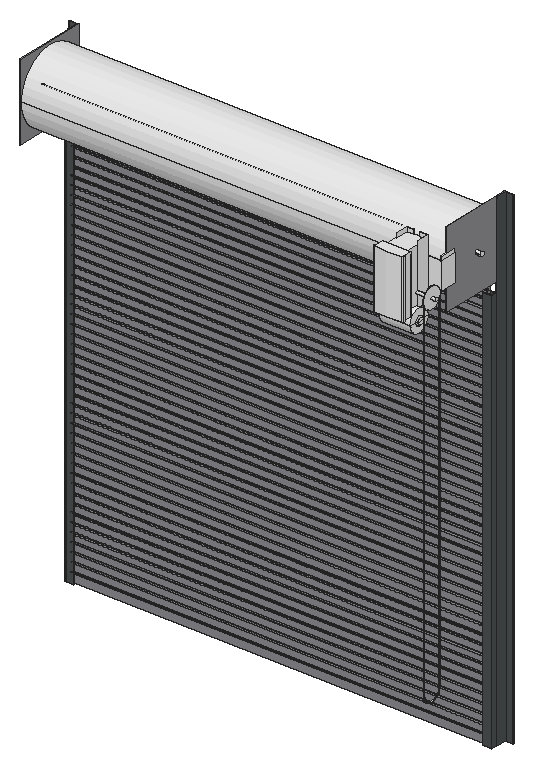
Revit family "Doors_Fire-Doors-Shutters_Overhead-Door-Corporation_FireKing-Fire-Rated-Insulated-Service-Doors-635_", category Specialty Equipment, host Wall, Revit 2019 (continued)
Definition of nested family "Motor"
  Dimensions and locks (in)
    locked: Extrusion 12 sketch curve to curve 1 at 10.62
    radius of Extrusion 5 sketch curve = 3"
    radius of Sweep 6 sketch curve = 3"
    radius of Sweep 6 sketch curve = 0.1"
    radius of Extrusion 7 sketch curve = 0.4"
    radius of Extrusion 2 sketch curve = 0.36846"  (x2)
    radius of Extrusion 1 sketch curve = 0.12"  (x2)
    radius of Extrusion 2 sketch curve = 25"
    "Angle": angle curve 1 to plane 1 "Center (Front/Back)"
    angle Extrusion 2 sketch curve to Extrusion 2 sketch curve = 90.00°
    locked: Extrusion 2 sketch curve to Extrusion 2 sketch curve (angle 90.00°)
    aligned and locked: plane 2 to level
    aligned and locked: Revolve 3 sketch curve to Revolve 3 sketch curve
    aligned and locked: plane 1 "Center (Front/Back)" to curve 1
    aligned and locked: level to curve 1
    aligned and locked: plane 1 "Center (Front/Back)" to plane 4
    aligned and locked: Extrusion 4 sketch curve to Extrusion 4 sketch curve  (x3)
    aligned and locked: plane 7 to Sweep 6 sketch curve  (x2)
    aligned and locked: plane 8 to Sweep 6 sketch curve  (x2)
    aligned and locked: plane 5 to Extrusion 5 sketch curve
    aligned and locked: plane 9 "Chain Hoist" to Extrusion 5 sketch curve
    aligned and locked: plane 5 to Extrusion 7 sketch curve
    aligned and locked: plane 9 "Chain Hoist" to Extrusion 7 sketch curve
    aligned and locked: plane 8 to plane 9 "Chain Hoist"
    aligned and locked: Extrusion 9 sketch curve to Extrusion 9 sketch curve  (x3)
    aligned and locked: Extrusion 2 sketch curve to Extrusion 2 sketch curve
    aligned and locked: Extrusion 1 sketch curve to Extrusion 1 sketch curve
    aligned and locked: plane 4 to nested 1
    aligned and locked: plane 3 "Center (Left/Right)" to nested 1
  Automatic sketch dimensions
    plane 1 "Center (Front/Back)" to Revolve 3 sketch curve = 0"
    Revolve 3 sketch curve to Revolve 3 sketch curve = 0.09915"
    Revolve 3 sketch curve to Revolve 3 sketch curve = 4.7892"
    Revolve 3 sketch curve to plane 14 = 1.9628"
    Extrusion 9 sketch curve to plane 3 "Center (Left/Right)" = 0.988"
    plane 3 "Center (Left/Right)" to Extrusion 9 sketch curve = 0.988"
    Extrusion 2 sketch curve to plane 3 "Center (Left/Right)" = 0"
    Extrusion 2 sketch curve to Extrusion 2 sketch curve = 0.1984"
    Extrusion 2 sketch curve to Extrusion 2 sketch curve = 0.15206"
    Extrusion 2 sketch curve to Extrusion 2 sketch curve = 0.25654"
    Extrusion 2 sketch curve to Extrusion 2 sketch curve = 0"  (x2)
    Extrusion 2 sketch curve to Extrusion 2 sketch curve = 0.0593"
  Nested families (in)
    nested 1: "2D_NotScalableMain_29e791da-3db9-4234-ab15-44456784202b" at (0, 0, 0), type "Default"
      with Not Top + Bench yes, Face Mount yes, Chain Hoist no
  Definition of nested family "2D_NotScalableMain_29e791da-3db9-4234-ab15-44456784202b"
    Parameters (values of type "Default")
      Wall Mount = no
      Top Mount = no
      Not Top + Bench = no
      Fire King Face Mount = no
      Face Mount = no
      Top + Bench = no
      Chain Hoist = yes
      Bench Mount = no
    Reference planes (in)
      plane 1 "Center (Front/Back)": y = 0
      plane 2: z = 0
      plane 3 "Center (Left/Right)": x = 0
    Lines and regions (in)
      Masking region 1, in view "Ref. Level", visible <- "Not Top + Bench"
        outline origin (0, 0, 0) x (1, 0, 0) y (0, 1, 0)
          loop
            line (-6.9985, -0.96741) -> (-5.7485, -0.96741) -> (-5.7485, -0.30491) -> (-5.5274, -0.30491) -> (-5.5274, -1.76746) -> (-5.42825, -1.86661) -> (-4.5757, -1.86661) -> (-4.5757, -3.22517) -> (-4.134, -3.22517) -> (-4.134, -5.05565) -> (-4.3324, -5.05565) -> (-4.3324, -5.3122)
            arc (-4.3324, -5.3122) -> (-4.24466, -5.55085) -> (-4.02324, -5.67585) r 0.36846
            arc (-4.02324, -5.67585) -> (0, -6.0017) -> (4.02324, -5.67585) r 25
            arc (4.02324, -5.67585) -> (4.24466, -5.55085) -> (4.3324, -5.3122) r 0.36846
            line (4.3324, -5.3122) -> (4.3324, -5.05565) -> (4.116, -5.05565) -> (4.116, -3.22517) -> (4.57, -3.22517) -> (4.57, -1.27241) -> (4.799, -1.27241) -> (4.799, -0.84111) -> (5.199, -0.84111) -> (5.199, 0.79) -> (7.2495, 0.79) -> (7.2495, -1.81) -> (7.52, -1.81) -> (7.52, 0.79) -> (8.82, 0.79) -> (8.82, 1.59) -> (7.52, 1.59) -> (7.52, 4.19) -> (7.2495, 4.19) -> (7.2495, 1.59) -> (4.57, 1.59) -> (4.57, 3.22517) -> (2.988, 3.22517) -> (2.988, 4.96193) -> (-2.988, 4.96193) -> (-2.988, 3.22517) -> (-4.5757, 3.22517) -> (-4.5757, 1.86661) -> (-5.42825, 1.86661) -> (-5.5274, 1.76746) -> (-5.5274, 0.30491) -> (-5.7485, 0.30491) -> (-5.7485, 0.96741) -> (-6.9985, 0.96741) -> (-6.9985, -0.96741)
      Masking region 2, in view "Ref. Level", visible <- "Fire King Face Mount"
        outline origin (0, 0, 0) x (1, 0, 0) y (0, 1, 0)
          loop
            circle (0, 1.59) r 2.87397
          loop
            line (-2.988, 7.80693) -> (-2.988, 4.96193) -> (2.988, 4.96193) -> (2.988, 7.80693) -> (0.82, 7.80693) -> (0.82, 16.89193) -> (0.57, 16.89193) -> (0.57, 7.80693) -> (-2.988, 7.80693)
      Masking region 3, in view "Ref. Level", visible <- "Face Mount"
        outline origin (0, 0, 0) x (1, 0, 0) y (0, 1, 0)
          loop
            line (-3.108, 1.46193) -> (-2.988, 1.46193) -> (-2.988, 4.96193) -> (2.988, 4.96193) -> (2.988, 1.46193) -> (3.108, 1.46193) -> (3.108, 5.08193) -> (7.2495, 5.08193) -> (7.2495, 9.82193) -> (6.8795, 9.82193) -> (6.8795, 5.33193) -> (7.1295, 5.33193) -> (7.1295, 5.20193) -> (-2.988, 5.20193) -> (-2.988, 5.08193) -> (-3.108, 5.08193) -> (-3.108, 1.46193)
      Masking region 4, in view "Ref. Level", visible <- "Top + Bench"
        outline origin (0, 0, 0) x (1, 0, 0) y (0, 1, 0)
          loop
            line (-6.9985, -0.96741) -> (-5.7485, -0.96741) -> (-5.7485, -0.30491) -> (-5.5274, -0.30491) -> (-5.5274, -1.76746) -> (-5.42825, -1.86661) -> (-4.5757, -1.86661) -> (-4.5757, -3.22517) -> (4.57, -3.22517) -> (4.57, -1.27241) -> (4.799, -1.27241) -> (4.799, -0.84111) -> (5.199, -0.84111) -> (5.199, 0.84111) -> (4.799, 0.84111) -> (4.799, 1.27241) -> (4.57, 1.27241) -> (4.57, 3.22034) -> (4.3324, 3.22034) -> (4.3324, 6.13) -> (7.2495, 6.13) -> (7.2495, 3.53) -> (7.52, 3.53) -> (7.52, 6.13) -> (8.82, 6.13) -> (8.82, 6.93) -> (7.52, 6.93) -> (7.52, 9.53) -> (7.2495, 9.53) -> (7.2495, 6.93) -> (4.3324, 6.93) -> (4.3324, 19.24819) -> (3.108, 19.24819) -> (3.108, 20.0298) -> (0.988, 20.0298) -> (0.988, 19.24819) -> (-0.988, 19.24819) -> (-0.988, 20.0298) -> (-3.108, 20.0298) -> (-3.108, 19.24819) -> (-4.3324, 19.24819) -> (-4.3324, 3.22517) -> (-4.5757, 3.22517) -> (-4.5757, 1.86661) -> (-5.42825, 1.86661) -> (-5.5274, 1.76746) -> (-5.5274, 0.30491) -> (-5.7485, 0.30491) -> (-5.7485, 0.96741) -> (-6.9985, 0.96741) -> (-6.9985, -0.96741)
      Masking region 5, in view "Ref. Level", visible <- "Top Mount"
        outline origin (0, 0, 0) x (1, 0, 0) y (0, 1, 0)
          loop
            line (4.3324, 14.55771) -> (4.3324, 6.93) -> (7.2495, 6.93) -> (7.2495, 14.55771) -> (7.1295, 14.55771) -> (7.1295, 15.55771) -> (6.8795, 15.55771) -> (6.8795, 14.55771) -> (4.3324, 14.55771)
      Masking region 6, in view "Ref. Level", visible <- "Wall Mount"
        outline origin (0, 0, 0) x (1, 0, 0) y (0, 1, 0)
          loop
            line (-4.988, 4.96193) -> (-3.108, 4.96193) -> (-3.108, 1.46193) -> (-2.988, 1.46193) -> (-2.988, 5.08193) -> (-4.988, 5.08193) -> (-4.988, 4.96193)
          loop
            line (2.988, 1.46193) -> (3.108, 1.46193) -> (3.108, 4.96193) -> (4.988, 4.96193) -> (4.988, 5.08193) -> (2.988, 5.08193) -> (2.988, 1.46193)
      Masking region 7, in view "Ref. Level", visible <- "Bench Mount"
        outline origin (0, 0, 0) x (1, 0, 0) y (0, 1, 0)
          loop
            line (-7.24, 9.2698) -> (-7.1205, 9.2698) -> (-7.1205, 9.1098) -> (-4.3324, 9.1098) -> (-4.3324, 17.4298) -> (-7.1205, 17.4298) -> (-7.1205, 17.2698) -> (-7.24, 17.2698) -> (-7.24, 9.2698)
      Masking region 8, in view "Ref. Level", visible <- "Chain Hoist"
        outline origin (0, -6.98957, 0) x (1, 0, 0) y (0, 1, 0)
          loop
            line (4.7396, 6.58957) -> (7.2495, 6.58957) -> (7.2495, 3.98957) -> (7.52, 3.98957) -> (7.52, 6.58957) -> (8.82, 6.58957) -> (8.82, 7.38957) -> (7.52, 7.38957) -> (7.52, 9.98957) -> (7.2495, 9.98957) -> (7.2495, 7.38957) -> (4.7396, 7.38957) -> (4.7396, 6.58957)
      reference lines, in view "Ref. Level"
        curve 1: line (0, 0, 0) -> (0, 0.125, 0)
        curve 2: line (0, 0, 0) -> (0.125, 0, 0)
      detail lines, in view "Ref. Level", visible <- "Not Top + Bench"
        curve 3: line (7.2495, 4.19, 0) -> (7.2495, -1.81, 0)
        curve 4: line (7.52, 4.19, 0) -> (7.52, -1.81, 0)
        curve 5: line (-4.134, -2.29347, 0) -> (-4.134, -5.05565, 0)
        curve 6: line (4.116, -2.29347, 0) -> (4.116, -5.05565, 0)
        curve 7: line (-4.134, -2.41307, 0) -> (4.116, -2.41307, 0)
        curve 8: line (4.116, -2.29347, 0) -> (3.108, -2.29347, 0)
        curve 9: line (2.988, -2.17347, 0) -> (2.988, 4.96193, 0)
        curve 10: line (2.988, 4.96193, 0) -> (-2.988, 4.96193, 0)
        curve 11: line (-2.988, 4.96193, 0) -> (-2.988, -2.17347, 0)
        curve 12: arc (-2.988, -2.17347, 0) -> (-3.02315, -2.25832, 0) -> (-3.108, -2.29347, 0) r 0.12
        curve 13: arc (3.108, -2.29347, 0) -> (3.02315, -2.25832, 0) -> (2.988, -2.17347, 0) r 0.12
        curve 14: line (4.57, -3.22517, 0) -> (4.57, 0.77483, 0)
        curve 15: line (4.799, -1.27241, 0) -> (4.799, 0.77483, 0)
        curve 16: line (5.199, -0.84111, 0) -> (5.199, 0.77483, 0)
        curve 17: line (-4.5757, -3.22517, 0) -> (-4.5757, 3.22517, 0)
        curve 18: line (-5.42825, -1.86661, 0) -> (-5.42825, 1.86661, 0)
        curve 19: line (-5.5274, 1.76746, 0) -> (-5.5274, -1.76746, 0)
        curve 20: line (-5.7485, -0.96741, 0) -> (-5.7485, 0.96741, 0)
        curve 25: line (-4.116, -2.29347, 0) -> (-3.108, -2.29347, 0)
        curve 26: line (5.199, 0.77483, 0) -> (2.988, 0.77483, 0)
        curve 27: line (4.57, 1.59, 0) -> (3.108, 1.59, 0)
      detail lines, in view "Ref. Level", visible <- "Fire King Face Mount"
        curve 21: circle (0, 1.59, 0) r 1.29967 normal (0, 0, 1)
        curve 22: circle (0, 1.59, 0) r 0.87193 normal (0, 0, 1)
        curve 23: line (-2.988, 7.80693, 0) -> (2.988, 7.80693, 0)
        curve 24: line (-2.988, 7.685, 0) -> (2.988, 7.685, 0)
      detail lines, in view "Ref. Level", visible <- "Top + Bench"
        curve 28: line (-4.5757, -3.22517, 0) -> (-4.5757, 3.22517, 0)
        curve 29: line (-5.42825, 1.86661, 0) -> (-5.42825, -1.86661, 0)
        curve 30: line (-5.5274, 1.76746, 0) -> (-5.5274, -1.76746, 0)
        curve 31: line (-5.7485, -0.96741, 0) -> (-5.7485, 0.96741, 0)
        curve 32: line (-4.3324, 1.8898, 0) -> (-4.3324, 19.24819, 0)
        curve 33: line (-4.3324, 1.8898, 0) -> (4.3324, 1.8898, 0)
        curve 34: line (4.3324, 1.8898, 0) -> (4.3324, 19.24819, 0)
        curve 35: line (4.57, 3.22517, 0) -> (4.57, -3.22517, 0)
        curve 36: line (4.799, 1.27241, 0) -> (4.799, -1.22759, 0)
        curve 41: line (2.988, 20.0298, 0) -> (2.988, 19.24819, 0)
        curve 42: line (-2.988, 20.0298, 0) -> (-2.988, 19.24819, 0)
        curve 43: line (-3.108, 19.24819, 0) -> (-0.988, 19.24819, 0)
        curve 44: line (0.988, 19.24819, 0) -> (3.108, 19.24819, 0)
      detail lines, in view "Ref. Level", visible <- "Chain Hoist"
        curve 37: line (7.2495, 3, 0) -> (7.2495, -3, 0)
        curve 38: line (7.52, -3, 0) -> (7.52, 3, 0)
      detail lines, in view "Ref. Level", visible <- "Bench Mount"
        curve 39: line (-7.1205, 17.4298, 0) -> (-7.1205, 9.1098, 0)
        curve 40: line (-6.9985, 17.4298, 0) -> (-6.9985, 9.1098, 0)
    Dimensions and locks (in)
      curve 1 to curve 1 = 1/8"
      curve 2 to curve 2 = 1/8"
      aligned and locked: plane 1 "Center (Front/Back)" to curve 1
      aligned and locked: plane 3 "Center (Left/Right)" to curve 1
      aligned and locked: plane 1 "Center (Front/Back)" to curve 2
Definition of nested family "Label Annotation 1"
  Parameters (values of type "Label Annotation 1-8")
    Label = "Area is too big. Please reduce Door Size."
  Reference planes (in)
    plane 1: y = 0
    plane 2: x = 0
  Text (in)
    label "Label" at (0.00375, -0.00345, 0), shows "Label"
Definition of nested family "Warning Sign"
  Parameters (values of type "Warning Sign")
    Warning Sign [instance] = no
    Default Elevation = 48"
  Reference planes (in)
    plane 1 "Center (Front/Back)": y = 0
    plane 2: z = 0
    plane 3 "Center (Left/Right)": x = 0
    plane 4: y = 0.5
    plane 5: y = -0.5
    plane 6: y = 1
    plane 7: y = 0.25
  Lines and regions (in)
    model lines
      curve 1: line (-2.26129, 1, 45.69444) -> (-26.3817, 1, 3.91667)
      curve 2: line (-25.25106, 1, 3.26389) -> (-1.13064, 1, 45.04167)
      curve 3: arc (2.26129, 1, 45.69444) -> (0, 1, 47) -> (-2.26129, 1, 45.69444) r 2.61111
      curve 4: arc (-1.13064, 1, 45.04167) -> (0, 1, 45.69444) -> (1.13064, 1, 45.04167) r 1.30556
      curve 5: line (1.13064, 1, 45.04167) -> (25.25106, 1, 3.26389)
      curve 6: line (26.3817, 1, 3.91667) -> (2.26129, 1, 45.69444)
      curve 7: arc (25.25106, 1, 3.26389) -> (25.25106, 1, 1.95833) -> (24.12041, 1, 1.30556) r 1.30556
      curve 8: arc (24.12041, 1, 0) -> (26.3817, 1, 1.30556) -> (26.3817, 1, 3.91667) r 2.61111
      curve 9: line (24.12041, 1, 1.30556) -> (-24.12041, 1, 1.30556)
      curve 10: line (-24.12041, 1, 0) -> (24.12041, 1, 0)
      curve 11: arc (-24.12041, 1, 1.30556) -> (-25.25106, 1, 1.95833) -> (-25.25106, 1, 3.26389) r 1.30556
      curve 12: arc (-26.3817, 1, 3.91667) -> (-26.3817, 1, 1.30556) -> (-24.12041, 1, 0) r 2.61111
      curve 13: arc (-2.29479, 1, 8.63537) -> (0, 1, 6.34057) -> (2.29479, 1, 8.63537) r 2.29479
      curve 14: arc (2.29479, 1, 8.63537) -> (0, 1, 10.93016) -> (-2.29479, 1, 8.63537) r 2.29479
      curve 15: arc (-1.6331, 1, 13.97069) -> (0.03439, 1, 12.53727) -> (1.69278, 1, 13.98121) r 1.68043
      curve 16: line (-3.77413, 1, 28.37873) -> (-1.6331, 1, 13.97069)
      curve 17: line (1.69278, 1, 13.98121) -> (3.73924, 1, 28.37873)
      curve 18: arc (3.73924, 1, 28.37873) -> (-0.01745, 1, 32.13541) -> (-3.77413, 1, 28.37873) r 3.75668
      curve 19: line (-2.26129, -0.5, 45.69444) -> (-26.3817, -0.5, 3.91667)
      curve 20: line (-25.25106, -0.5, 3.26389) -> (-1.13064, -0.5, 45.04167)
      curve 21: arc (2.26129, -0.5, 45.69444) -> (0, -0.5, 47) -> (-2.26129, -0.5, 45.69444) r 2.61111
      curve 22: arc (-1.13064, -0.5, 45.04167) -> (0, -0.5, 45.69444) -> (1.13064, -0.5, 45.04167) r 1.30556
      curve 23: line (1.13064, -0.5, 45.04167) -> (25.25106, -0.5, 3.26389)
      curve 24: line (26.3817, -0.5, 3.91667) -> (2.26129, -0.5, 45.69444)
      curve 25: arc (25.25106, -0.5, 3.26389) -> (25.25106, -0.5, 1.95833) -> (24.12041, -0.5, 1.30556) r 1.30556
      curve 26: arc (24.12041, -0.5, 0) -> (26.3817, -0.5, 1.30556) -> (26.3817, -0.5, 3.91667) r 2.61111
      curve 27: line (24.12041, -0.5, 1.30556) -> (-24.12041, -0.5, 1.30556)
      curve 28: line (-24.12041, -0.5, 0) -> (24.12041, -0.5, 0)
      curve 29: arc (-24.12041, -0.5, 1.30556) -> (-25.25106, -0.5, 1.95833) -> (-25.25106, -0.5, 3.26389) r 1.30556
      curve 30: arc (-26.3817, -0.5, 3.91667) -> (-26.3817, -0.5, 1.30556) -> (-24.12041, -0.5, 0) r 2.61111
      curve 31: arc (-2.29479, -0.5, 8.63537) -> (0, -0.5, 6.34057) -> (2.29479, -0.5, 8.63537) r 2.29479
      curve 32: arc (2.29479, -0.5, 8.63537) -> (0, -0.5, 10.93016) -> (-2.29479, -0.5, 8.63537) r 2.29479
      curve 33: arc (-1.6331, -0.5, 13.97069) -> (0.03439, -0.5, 12.53727) -> (1.69278, -0.5, 13.98121) r 1.68043
      curve 34: line (-3.77413, -0.5, 28.37873) -> (-1.6331, -0.5, 13.97069)
      curve 35: line (1.69278, -0.5, 13.98121) -> (3.73924, -0.5, 28.37873)
      curve 36: arc (3.73924, -0.5, 28.37873) -> (-0.01745, -0.5, 32.13541) -> (-3.77413, -0.5, 28.37873) r 3.75668
  Dimensions and locks (in)
    locked: plane 1 "Center (Front/Back)" to plane 4 at 0.5
    equal spacing: plane 1 "Center (Front/Back)", plane 7, plane 4
    locked: plane 4 to plane 6 at 0.5
    locked: plane 5 to plane 1 "Center (Front/Back)" at 0.5
    aligned and locked: plane 2 to level
  Automatic sketch dimensions
    curve 21 to curve 22 = 0"  (x2)
    curve 25 to curve 26 = 0"  (x2)
    curve 29 to curve 30 = 0"  (x2)
    curve 31 to curve 32 = 0"  (x2)
    curve 21 to plane 3 "Center (Left/Right)" = 0"
    curve 31 to plane 3 "Center (Left/Right)" = 0"
    curve 30 to level = 0"
    level to curve 27 = 1.30556"
    curve 26 to curve 27 = 1.30556"
    curve 29 to curve 27 = 1.30556"
    curve 23 to curve 25 = 0.65278"
    curve 20 to curve 29 = 0.65278"
    curve 24 to curve 23 = 0.65278"
    curve 19 to curve 20 = 0.65278"
    level to curve 32 = 8.63537"
    curve 34 to plane 3 "Center (Left/Right)" = 1.6331"
    curve 34 to curve 31 = 5.33532"
    plane 3 "Center (Left/Right)" to curve 35 = 1.69278"
    curve 35 to curve 34 = 0.01052"
    plane 3 "Center (Left/Right)" to curve 33 = 0.02908"
    curve 36 to plane 3 "Center (Left/Right)" = 0.01745"
    curve 36 to curve 33 = 14.16104"
    curve 22 to curve 36 = 16.01016"
    plane 3 "Center (Left/Right)" to curve 23 = 1.13064"
    curve 23 to curve 21 = 0.65278"
    curve 20 to plane 3 "Center (Left/Right)" = 1.13064"
    plane 3 "Center (Left/Right)" to curve 24 = 2.26129"
    curve 24 to curve 22 = 0.65278"
    curve 19 to plane 3 "Center (Left/Right)" = 2.26129"
    curve 34 to curve 36 = 3.75668"
    curve 30 to plane 3 "Center (Left/Right)" = 24.12041"
    plane 3 "Center (Left/Right)" to curve 25 = 24.12041"
    curve 31 to curve 31 = 2.29479"
    curve 3 to curve 4 = 0"  (x2)
    curve 7 to curve 8 = 0"  (x2)
    curve 11 to curve 12 = 0"  (x2)
    curve 13 to curve 14 = 0"  (x2)
    curve 3 to plane 3 "Center (Left/Right)" = 0"
    curve 13 to plane 3 "Center (Left/Right)" = 0"
    curve 12 to level = 0"
    level to curve 9 = 1.30556"
    curve 8 to curve 9 = 1.30556"
    curve 11 to curve 9 = 1.30556"
    curve 5 to curve 7 = 0.65278"
    curve 2 to curve 11 = 0.65278"
    curve 6 to curve 5 = 0.65278"
    curve 1 to curve 2 = 0.65278"
    level to curve 14 = 8.63537"
    curve 16 to plane 3 "Center (Left/Right)" = 1.6331"
    curve 16 to curve 13 = 5.33532"
    plane 3 "Center (Left/Right)" to curve 17 = 1.69278"
    curve 17 to curve 16 = 0.01052"
    plane 3 "Center (Left/Right)" to curve 15 = 0.02908"
    curve 18 to plane 3 "Center (Left/Right)" = 0.01745"
    curve 18 to curve 15 = 14.16104"
    curve 4 to curve 18 = 16.01016"
    plane 3 "Center (Left/Right)" to curve 5 = 1.13064"
    curve 5 to curve 3 = 0.65278"
    curve 2 to plane 3 "Center (Left/Right)" = 1.13064"
    plane 3 "Center (Left/Right)" to curve 6 = 2.26129"
    curve 6 to curve 4 = 0.65278"
    curve 1 to plane 3 "Center (Left/Right)" = 2.26129"
    curve 16 to curve 18 = 3.75668"
    curve 12 to plane 3 "Center (Left/Right)" = 24.12041"
    plane 3 "Center (Left/Right)" to curve 7 = 24.12041"
    curve 13 to curve 13 = 2.29479"
Types (9): name | Voltage | Operator Visibility | Number of Poles | Hood Offset | Headroom Height | Frequency | Door Height True | Door Height (Real) | Floor To (CL) of Shaft | Chain Hoist or Manual | Current | Connector Array | Calculated Area | Apparent Load Phase 3 | Apparent Load Phase 2 | Apparent Load Phase 1
  115 volts, one phase, 60 Hz (110-120V range) | 115 V | yes | 1 | 3" | 25 5/8" | 60 Hz | 145 5/8" | 123" | 134 5/16" | no | 20 A | 3 | 102.927 SF | 0 VA | 0 VA | 2300 VA
  Chain Hoist | 0 V | yes | 1 | 1" | 23 5/8" | 0 Hz | 143 5/8" | 121" | 132 5/16" | yes | 0 A | 2 | 101.253 SF | 0 VA | 0 VA | 0 VA
  208 volts, one phase, 60 Hz (190-207V range) | 208 V | yes | 1 | 3" | 25 5/8" | 60 Hz | 145 5/8" | 123" | 134 5/16" | no | 20 A | 3 | 102.927 SF | 0 VA | 0 VA | 4160 VA
  208 volts, three phase, 60 Hz (190-207 V range) | 208 V | yes | 3 | 3" | 25 5/8" | 60 Hz | 145 5/8" | 123" | 134 5/16" | no | 20 A | 3 | 102.927 SF | 2401.78 VA | 2401.78 VA | 2401.78 VA
  230 volts, one phase, 60 Hz (208-245V range) | 230 V | yes | 1 | 3" | 25 5/8" | 60 Hz | 145 5/8" | 123" | 134 5/16" | no | 20 A | 3 | 102.927 SF | 0 VA | 0 VA | 4600 VA
  230 volts, three phase, 60 Hz (208-245 V range) | 230 V | yes | 3 | 3" | 25 5/8" | 60 Hz | 145 5/8" | 123" | 134 5/16" | no | 20 A | 3 | 102.927 SF | 2655.81 VA | 2655.81 VA | 2655.81 VA
  460 volts, three phase, 60 Hz (456-495 V range) | 460 V | yes | 3 | 3" | 25 5/8" | 60 Hz | 145 5/8" | 123" | 134 5/16" | no | 20 A | 3 | 102.927 SF | 5311.62 VA | 5311.62 VA | 5311.62 VA
  575 volts, three phase, 60 Hz | 575 V | yes | 3 | 3" | 25 5/8" | 60 Hz | 145 5/8" | 123" | 134 5/16" | no | 20 A | 3 | 102.927 SF | 6639.53 VA | 6639.53 VA | 6639.53 VA
  Manual push-up | 0 V | no | 1 | 1" | 23 5/8" | 0 Hz | 143 5/8" | 121" | 132 5/16" | yes | 0 A | 2 | 101.253 SF | 0 VA | 0 VA | 0 VA
